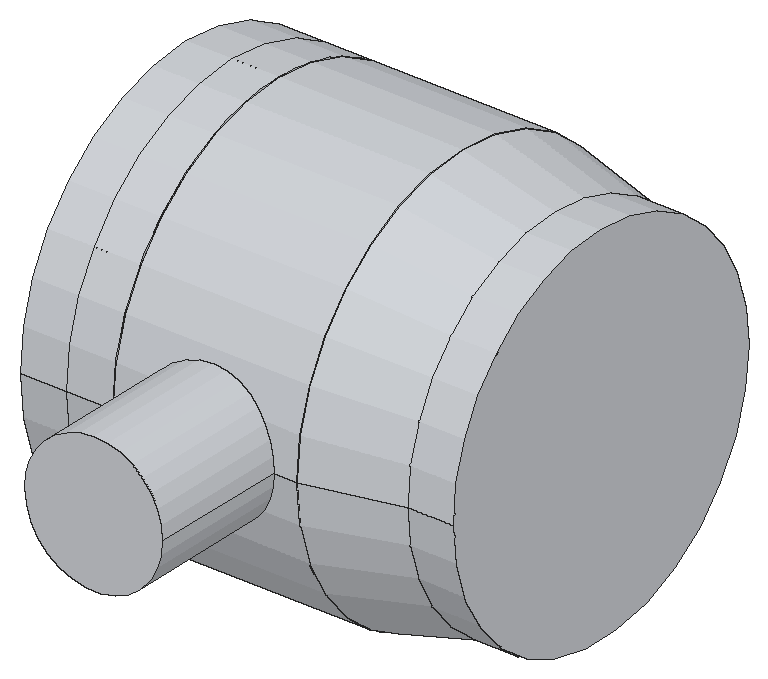
Revit family "M_T reto de transição redonda - DTL", category Conexões de duto, Revit 2019
Family settings
  Cota do conector redondo = Usar raio
  Tipo de parte = Tê
  Número OmniClass = 23.75.70.14
  Título OmniClass = Air Ductwork
  ID de item do Seek = Round Transition Straight Tee - DTL-0000-CAN-ENU
  Com base no plano de trabalho = Não
  Sempre na vertical = Sim
  Corte com vazios quando carregada = Não
  Compartilhado = Não
Parameters (values of type "Padrão")
  Visibilidade da torneira 2 [instance] = Deslocamento da torneira < 0 mm  # no
  Visibilidade da torneira 1 [instance] = not(Deslocamento da torneira < 0 mm)  # yes
  Raio 3 [instance] = if(Ângulo da torneira 1 < 90.00°, Saída do raio, Análise do raio da dobra)  # 225 mm
  Raio 2 [instance] = if(Ângulo da torneira 1 > 90.00°, Entrada do raio, Análise do raio da dobra)  # 225 mm
  Raio 1 [instance] = if(Deslocamento da torneira = 0 mm, 0.794 mm, abs(Deslocamento da torneira))  # 0.794 mm
  Saída do comprimento [instance] = 100 mm
  Entrada do comprimento [instance] = 50 mm
  Saída do colarinho [instance] = 50 mm
  Entrada do colarinho [instance] = 50 mm
  Comprimento 1 [instance] = (Comprimento da entrada do colarinho + Comprimento de saída do colarinho + Comprimento do corpo) * 2  # 900 mm
  Raio da torneira [instance] = 75 mm
  Entrada do raio [instance] = 225 mm
  Saída do raio [instance] = 200 mm
  Deslocamento 1 [instance] = Raio do corpo + Deslocamento da torneira  # 225 mm
  Deslocamento da torneira [instance] = 0 mm
  Comprimento 2 Horizontal [instance] = if(Ângulo da torneira 1 = 90.00°, Entrada do comprimento 1 + Entrada do colarinho + abs(Raio da torneira / sin((180.00° - Ângulo da torneira 1))) + Inserção da torneira + Comprimento 1 / 2, Entrada do comprimento 1 + Entrada do colarinho + abs(Raio da torneira / sin((180.00° - Ângulo da torneira 1))) + Inserção da torneira + (Análise do raio da dobra) / tan((180.00° - Ângulo da torneira 1)) + Comprimento 1 / 2)  # 650 mm
  Comprimento 2 [instance] = if(Ângulo da torneira 1 = 90.00°, Comprimento da torneira + Comprimento 3, Comprimento 3 + Comprimento da torneira + abs(Raio da torneira / tan(Ângulo da torneira 1)))  # 375 mm
  Comprimento de saída do colarinho [instance] = Saída do comprimento 1 + Saída do colarinho  # 150 mm
  Comprimento da entrada do colarinho [instance] = Entrada do comprimento 1 + Entrada do colarinho  # 100 mm
  Comprimento da torneira [instance] = 150 mm
  Saída do comprimento 1 [instance] = if(Saída do comprimento = 0 mm, Saída do comprimento + 0.794 mm, Saída do comprimento)  # 100 mm
  Entrada do comprimento 1 [instance] = if(Entrada do comprimento = 0 mm, Entrada do comprimento + 0.794 mm, Entrada do comprimento)  # 50 mm
  Comprimento do corpo [instance] = if(Comprimento > Diâmetro da torneira, Comprimento, Raio da torneira * 2 + Inserção da torneira)  # 200 mm
  Comprimento 4 [instance] = if(Deslocamento da torneira = 0 mm, 300 mm + Análise do raio da dobra, Deslocamento 1)  # 525 mm
  Comprimento 3 [instance] = Análise do raio da dobra / sin(Ângulo da torneira 1)  # 225 mm
  Comprimento [instance] = 200 mm
  Inserção da torneira [instance] = 25 mm
  Diâmetro da torneira [instance] = Raio da torneira * 2  # 150 mm
  Entrada do diâmetro [instance] = Entrada do raio * 2  # 450 mm
  Saída do diâmetro [instance] = Saída do raio * 2  # 400 mm
  Análise do raio da dobra [instance] = if(and(Raio do corpo < Saída do raio, Saída do raio > Entrada do raio), Saída do raio, if(and(Raio do corpo < Entrada do raio, Entrada do raio > Saída do raio), Entrada do raio, Raio do corpo))  # 225 mm
  Raio do corpo [instance] = 225 mm
  Diâmetro do corpo [instance] = Raio do corpo * 2  # 450 mm
  Ângulo da torneira 1 [instance] = 90.00°
  Assembly Code = ""
Reference planes
  plane 1 "Centro (Frente/Trás)": y = 0
  plane 2: z = 0
  plane 3 "Centro (Esquerda/Direita)": x = 0
  plane 4: x = -100
  plane 5: x = 100
  plane 6: x = -150
  plane 7: x = -200
  plane 8: x = 250
  plane 9: x = 200
  plane 10: y = 225
  plane 11: y = -225
  plane 12: z = 0
  plane 13: z = -225
  plane 14: z = 300
  plane 15: x = -650
  plane 16: x = 650
  plane 17: x = 900
Forms (mm)
  SweptBlend 1, solid, detail levels medium+fine
    path in 3D
      loop
        line (-100, 0, 0) -> (-150, 0, 0)
    profile origin (-100, 0, 0) x (0, -1, 0) y (0, 0, 1)
      loop
        circle (0, 0) r 225
    end profile origin (-150, 0, 0) x (0, -1, 0) y (0, 0, 1)
      loop
        circle (0, 0) r 225
  SweptBlend 2, solid, detail levels medium+fine
    path in 3D
      loop
        line (100, 0, 0) -> (200, 0, 0)
    profile origin (100, 0, 0) x (0, 1, 0) y (0, 0, 1)
      loop
        circle (0, 0) r 225
    end profile origin (200, 0, 0) x (0, 1, 0) y (0, 0, 1)
      loop
        circle (0, 0) r 200
  Sweep 3, solid, detail levels medium+fine
    path in 3D
      loop
        line (-200, 0, 0) -> (-100, 0, 0)
    profile origin (-150, 0, 0) x (0, 1, 0) y (0, 0, 1)
      loop
        circle (0, 0) r 225
  Sweep 4, solid, detail levels medium+fine
    path in 3D
      loop
        line (100, 0, 0) -> (250, 0, 0)
    profile origin (175, 0, 0) x (0, 1, 0) y (0, 0, 1)
      loop
        circle (0, 0) r 200
  Sweep 5, solid, detail levels medium+fine
    path in 3D
      loop
        line (-100, 0, 0) -> (100, 0, 0)
    profile origin (0, 0, 0) x (0, 1, 0) y (0, 0, 1)
      loop
        circle (0, 0) r 225
  Sweep 6, solid, detail levels medium+fine
    path in 3D
      loop
        line (0, 0, 0) -> (0, -375, 0)
    profile origin (0, -187.5, 0) x (1, 0, 0) y (0, 0, 1)
      loop
        circle (0, 0) r 75
  Sweep 7, void
    path in 3D
      loop
        line (-650, 0, 0) -> (-100, 0, 0)
    profile origin (-375, 0, 0) x (0, 1, 0) y (0, 0, 1)
      loop
        circle (0, 0) r 225
  Sweep 8, void
    path in 3D
      loop
        line (100, 0, 0) -> (900, 0, 0)
    profile origin (500, 0, 0) x (0, 1, 0) y (0, 0, 1)
      loop
        circle (0, 0) r 225
  Sweep 9, solid, not visible
    path in 3D
      loop
        line (0, 0, 0) -> (0, -375, 0)
    profile origin (0, -187.5, 0) x (1, 0, 0) y (0, 0, 1)
      loop
        arc (0, -0.794) -> (0.561, -0.561) -> (0.794, 0) r 0.794
        line (0.794, 0) -> (0, 0) -> (0, -0.794)
  Sweep 10, solid, not visible
    path in 3D
      loop
        line (0, 0, 0) -> (0, -375, 0)
    profile origin (0, -187.5, 0) x (1, 0, 0) y (0, 0, 1)
      loop
        line (0, 0.794) -> (0, 0) -> (0.794, 0)
        arc (0.794, 0) -> (0.561, 0.561) -> (0, 0.794) r 0.794
Cuts and joins
  Sweep 7, Sweep 8 cuts Sweep 6
  joined: Sweep 5, Sweep 6
  joined: SweptBlend 2, Sweep 4
Lines and regions (mm)
  model lines, detail levels coarse
    curve 1: line (-100, 0, 0) -> (100, 0, 0)
    curve 2: line (-100, 0, 0) -> (-150, 0, 0)
    curve 3: line (100, 0, 0) -> (200, 0, 0)
    curve 6: line (-200, 0, 0) -> (-100, 0, 0)
    curve 8: line (100, 0, 0) -> (250, 0, 0)
    curve 23: line (0, -375, 0) -> (0, 0, 0)
  sketch lines
    curve 4: line (-100, 0, 0) -> (-150, 0, 0)
    curve 5: line (100, 0, 0) -> (200, 0, 0)
    curve 7: line (-200, 0, 0) -> (-100, 0, 0)
    curve 9: line (100, 0, 0) -> (250, 0, 0)
    curve 10: line (-100, 0, 0) -> (100, 0, 0)
    curve 12: line (0, 0, 0) -> (0, -375, 0)
    curve 15: line (-650, 0, 0) -> (-100, 0, 0)
    curve 17: line (100, 0, 0) -> (900, 0, 0)
    curve 18: line (0, 0, 0) -> (0, -375, 0)
    curve 21: line (0, 0, 0) -> (0, -375, 0)
  reference lines
    curve 11: line (0, 0, 0) -> (0, -375, 0)
    curve 13: line (-650, 0, 0) -> (-100, 0, 0)
    curve 14: line (250, 0, 0) -> (650, 0, 0)
  reference lines, not visible
    curve 16: line (100, 0, 0) -> (900, 0, 0)
  model lines, visible <- "Visibilidade da torneira 1", detail levels coarse
    curve 19: line (0, -375, 0) -> (0, 0, 0)
    curve 20: line (0, 0, -0.794) -> (0, 0, 0)
  model lines, visible <- "Visibilidade da torneira 2", detail levels coarse
    curve 22: line (0, 0, 0) -> (0, 0, 0.794)
Dimensions and locks
  "Comprimento do corpo": plane 4 to plane 5
  "Entrada do comprimento 1": plane 6 to plane 4
  "Saída do comprimento 1": plane 5 to plane 9
  "Raio do corpo": plane 10 to plane 1 "Centro (Frente/Trás)"
  "Raio do corpo": plane 11 to plane 1 "Centro (Frente/Trás)"
  "Raio do corpo": plane 2 to plane 13
  "Deslocamento 1": plane 12 to plane 13
  "Comprimento 2": curve 11 to curve 11
  "Comprimento 4": plane 14 to plane 13
  "Comprimento da entrada do colarinho": plane 7 to plane 4
  "Comprimento de saída do colarinho": plane 5 to plane 8
  "Comprimento 2 Horizontal": plane 15 to plane 3 "Centro (Esquerda/Direita)"
  "Comprimento 1": plane 15 to plane 8
  "Comprimento 2 Horizontal": plane 3 "Centro (Esquerda/Direita)" to plane 16
  "Comprimento 2 Horizontal": plane 8 to plane 17
  "Análise do raio da dobra": radius of SweptBlend 1 sketch curve
  "Entrada do raio": radius of SweptBlend 1 sketch curve
  "Análise do raio da dobra": radius of SweptBlend 2 sketch curve
  "Saída do raio": radius of SweptBlend 2 sketch curve
  "Entrada do raio": radius of Sweep 3 sketch curve
  "Saída do raio": radius of Sweep 4 sketch curve
  "Análise do raio da dobra": radius of Sweep 5 sketch curve
  "Raio da torneira": radius of Sweep 6 sketch curve
  "Raio 2": radius of Sweep 7 sketch curve
  "Raio 3": radius of Sweep 8 sketch curve
  "Raio 1": radius of Sweep 9 sketch curve
  "Raio 1": radius of Sweep 10 sketch curve
  "Ângulo da torneira 1": angle curve 11 to plane 1 "Centro (Frente/Trás)"
  aligned and locked: plane 1 "Centro (Frente/Trás)" to curve 1
  aligned and locked: plane 5 to curve 1
  aligned and locked: plane 6 to curve 2
  aligned and locked: plane 9 to curve 3
  aligned and locked: plane 2 to SweptBlend 1 sketch curve  (x2)
  aligned and locked: plane 1 "Centro (Frente/Trás)" to SweptBlend 1 sketch curve  (x2)
  aligned and locked: plane 1 "Centro (Frente/Trás)" to SweptBlend 2 sketch curve  (x2)
  aligned and locked: plane 2 to SweptBlend 2 sketch curve  (x2)
  aligned and locked: plane 1 "Centro (Frente/Trás)" to curve 6
  aligned and locked: plane 4 to curve 6
  aligned and locked: plane 7 to curve 6
  aligned and locked: plane 1 "Centro (Frente/Trás)" to Sweep 3 sketch curve
  aligned and locked: plane 2 to Sweep 3 sketch curve
  aligned and locked: plane 8 to curve 8
  aligned and locked: plane 1 "Centro (Frente/Trás)" to Sweep 4 sketch curve
  aligned and locked: plane 2 to Sweep 4 sketch curve
  aligned and locked: plane 2 to Sweep 5 sketch curve
  aligned and locked: plane 1 "Centro (Frente/Trás)" to Sweep 5 sketch curve
  aligned and locked: plane 1 "Centro (Frente/Trás)" to curve 11
  aligned and locked: plane 12 to Sweep 6 sketch curve
  aligned and locked: plane 3 "Centro (Esquerda/Direita)" to curve 11
  aligned and locked: plane 1 "Centro (Frente/Trás)" to curve 13
  aligned and locked: plane 15 to curve 13
  aligned and locked: plane 1 "Centro (Frente/Trás)" to curve 14
  aligned and locked: plane 16 to curve 14
  aligned and locked: plane 2 to Sweep 7 sketch curve
  aligned and locked: profile plane to plane 1 "Centro (Frente/Trás)"
  aligned and locked: plane 17 to curve 16
  aligned and locked: plane 2 to Sweep 8 sketch curve
  aligned and locked: plane 1 "Centro (Frente/Trás)" to Sweep 8 sketch curve
  aligned and locked: plane 4 to curve 13
  aligned and locked: cut or joined group of Sweep 5, Sweep 6, Sweep 7, Sweep 8 to curve 16
  aligned and locked: plane 12 to Sweep 9 sketch curve
  aligned and locked: plane 12 to Sweep 10 sketch curve
Automatic sketch dimensions
  Sweep 6 sketch curve to profile plane = 0 mm
  Sweep 7 sketch curve to profile plane = 0 mm
  curve 16 to plane 1 "Centro (Frente/Trás)" = 0 mm
  curve 16 to plane 5 = 0 mm
  curve 14 to plane 8 = 0 mm
  Sweep 9 sketch curve to profile plane = 0 mm
  curve 19 to Sweep 9 = 0 mm  (x2)
  curve 20 to Sweep 9 = 0 mm  (x2)
  Sweep 10 sketch curve to profile plane = 0 mm
  curve 22 to Sweep 10 = 0 mm
  curve 23 to Sweep 10 = 0 mm  (x3)
Connectors
  hvac at (-200, 0, 0), driven by "Entrada do raio"
    settings: on Sweep 3, index 1, duct flow 0.0 L/s, flow factor 0, pres drop 0.0 Pa, loss coef 0, conn angle 0.00°, conn width 304.8 mm, conn height 304.8 mm, conn diameter 450 mm, duct sys type 28, conn prof type 0, flow config 0, flow direction 0, loss method 0, conn ref index 2, conn util no, is conn primary yes, conn desc ""
  hvac at (250, 0, 0), driven by "Saída do raio"
    settings: on Sweep 4, index 2, duct flow 0.0 L/s, flow factor 0, pres drop 0.0 Pa, loss coef 0, conn angle 0.00°, conn width 304.8 mm, conn height 304.8 mm, conn diameter 400 mm, duct sys type 28, conn prof type 0, flow config 0, flow direction 0, loss method 0, conn ref index 1, conn util no, is conn primary no, conn desc ""
  hvac at (0, -375, 0), driven by "Ângulo da torneira 1", driven by "Raio da torneira"
    settings: on cut or joined group of Sweep 5, Sweep 6, Sweep 7, Sweep 8, index 3, duct flow 0.0 L/s, flow factor 0, pres drop 0.0 Pa, loss coef 0, conn angle 90.00°, conn width 304.8 mm, conn height 304.8 mm, conn diameter 150 mm, duct sys type 28, conn prof type 0, flow config 0, flow direction 0, loss method 0, conn ref index -1, conn util no, is conn primary no, conn desc ""
